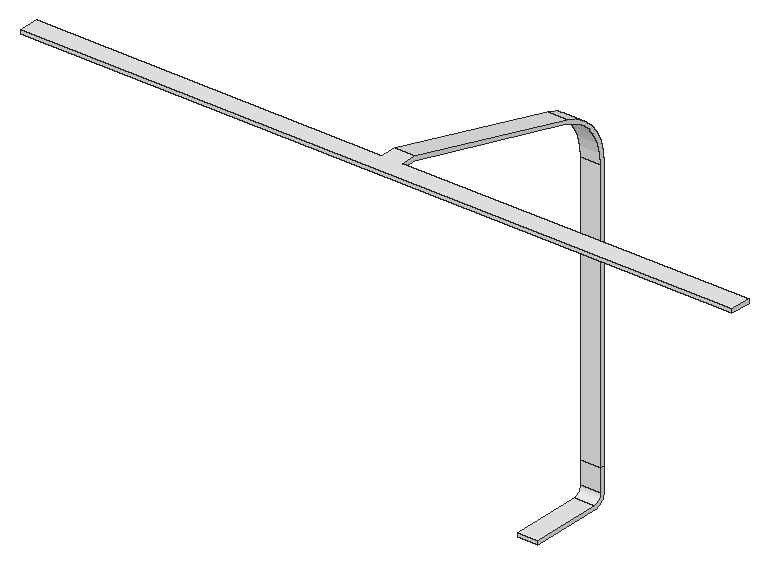
Revit family "Haworth_Lighting-LIM_Y", category Lighting Fixtures, Revit 2012
Parameters (values of type "Worksurface Mount")
  Wattage Comments = "3 or 7.3 Watts; 120 Volt 60 Hertz"  # constant formula
  Warranty = "www.haworth.com/en-us/Products/Pages/Certifications.aspx"
  URL - Product = "http://www.haworth.com/en-us/Products/Furniture/Accessories/Lighting/Pages/LIM.aspx"
  URL = "www.haworth.com"
  Type Comments = " "
  Table Thickness = 1 1/2"  # constant formula
  Sustainability Info = "www.haworth.com/en-us/About-Us/Sustainability/Pages/Vision.aspx"
  Size = "Verify Final Dim. w/ Haworth"  # constant formula
  Revision Number = "1"  # constant formula
  Post to Centerline = 3"  # constant formula
  Model = "LIM"
  Manufacturer = "Haworth"  # constant formula
  Light Source Height = 13 13/16"  # constant formula
  Lamp Finish = Haworth - Metal - Brushed Aluminum
  Lamp = ""
  LEED Data = "www.haworth.com/_layouts/Haworth.ProductCatalog/Handlers/GetAsset.ashx/LIM-Brochure.pdf?cid=724&rid=652&type=Brochure"
  Description = "LIM Light"  # constant formula
  Mounting Height [instance] = 29"
  Author = "SHAPE Environments, LLC"  # constant formula
  Assembly Code = "D5020200"
  Arm Length = 12 3/8"  # constant formula
  Actual Width = 26 1/2"  # constant formula
  Actual Height = 18 3/4"  # constant formula
Reference planes (in)
  plane 1 "Center F/B": y = 8.82887
  plane 2 "Base": z = 30.5
  plane 3 "Center L/R": x = 1.15861
  plane 4 "Lamp Height": z = 49.25
  plane 5 "Light Source": z = 49.0625
  plane 6 "Table Bottom": z = 29
  plane 7 "Y": y = -3.54613
Forms (in)
  Sweep 1, solid, material "Haworth - Metal - Brushed Aluminum" <- "Lamp Finish"
    path origin (1.15861, 10.67026, 0) x (0, 1, 0) y (0, 0, 1)
      loop
        line (-14.21639, 49.25) -> (-13.46639, 49.25) -> (-4.06494, 46.73089)
        arc (-4.06494, 46.73089) -> (-2.46133, 45.65939) -> (-1.84139, 43.83311) r 3
        line (-1.84139, 43.83311) -> (-1.84139, 30.5)
    profile "LIM_Profile : LIM_Profile" origin (1.15861, -3.17113, 49.25) x (0, 0, 1) y (1, 0, 0)
      loop
        line (0, -0.5) -> (0, 0.5) -> (-0.1875, 0.5) -> (-0.1875, -0.5) -> (0, -0.5)
  Sweep 2, solid, material "Haworth - Metal - Brushed Aluminum" <- "Lamp Finish"
    path origin (1.15861, 10.67026, 4) x (0, 1, 0) y (0, 0, 1)
      loop
        line (-5.90389, 24.8125) -> (-2.40389, 24.8125)
        arc (-2.40389, 24.8125) -> (-2.00614, 24.97725) -> (-1.84139, 25.375) r 0.5625
        line (-1.84139, 25.375) -> (-1.84139, 26.5)
    profile "LIM_Profile : LIM_Profile" origin (1.15861, 6.51637, 28.8125) x (0, 0, 1) y (1, 0, 0)
      loop
        line (0, -0.5) -> (0.1875, -0.5) -> (0.1875, 0.5) -> (0, 0.5) -> (0, -0.5)
  Sweep 3, solid, material "Haworth - Metal - Brushed Aluminum" <- "Lamp Finish"
    path origin (0, -3.54613, 0) x (-1, 0, 0) y (0, 0, 1)
      loop
        line (16.34139, 49.25) -> (-18.65861, 49.25)
    profile origin (1.15861, -3.54613, 49.25) x (0, 0, -1) y (0, 1, 0)
      loop
        line (0, 0) -> (0, -1) -> (0.1875, -1) -> (0.1875, 0) -> (0, 0)
Cuts and joins
  joined: Sweep 1, Sweep 3
Lines and regions (in)
  Masking region 1
    outline origin (0, 0, 0) x (1, 0, 0) y (0, 1, 0)
      loop
        line (1.65861, 8.82887) -> (0.65861, 8.82887) -> (0.65861, -3.54613) -> (-16.34139, -3.54613) -> (-16.34139, -4.54613) -> (18.65861, -4.54613) -> (18.65861, -3.54613) -> (1.65861, -3.54613) -> (1.65861, 8.82887)
Dimensions and locks (in)
  "Actual Height": plane 4 "Lamp Height" to plane 2 "Base"
  "Table Thickness": plane 2 "Base" to plane 6 "Table Bottom"
  "Mounting Height": plane 6 "Table Bottom" to level
  locked: plane 4 "Lamp Height" to plane 5 "Light Source" at 0.1875
  "Arm Length": plane 7 "Y" to plane 1 "Center F/B"
  Sweep 3 sketch curve to plane 3 "Center L/R" to Sweep 3 sketch curve = 17 1/2", 17 1/2"
  radius of Sweep 2 sketch curve = 9/16"
  angle plane 4 "Lamp Height" to Sweep 1 sketch curve = 165.00°
  aligned and locked: plane 4 "Lamp Height" to Sweep 1 sketch curve
  aligned and locked: plane 4 "Lamp Height" to Sweep 3 sketch curve
  aligned and locked: plane 2 "Base" to Sweep 2 sketch curve
Automatic sketch dimensions
  Sweep 1 sketch curve to plane 7 "Y" = 0"
  Sweep 1 sketch curve to plane 1 "Center F/B" = 0"
  Sweep 1 sketch curve to plane 2 "Base" = 0"
  Sweep 1 sketch curve to Sweep 1 sketch curve = 3/4"
  plane 1 "Center F/B" to Sweep 1 sketch curve = 3"
  plane 1 "Center F/B" to Sweep 1 sketch curve = 2.22354"
  Sweep 3 sketch curve to profile plane = 0"
  Sweep 3 sketch curve to plane 7 "Y" = 0"
  Sweep 3 sketch curve to Sweep 3 sketch curve = 3/16"
  Sweep 3 sketch curve to plane 7 "Y" = 1"
  Sweep 2 sketch curve to plane 1 "Center F/B" = 0"
  plane 6 "Table Bottom" to Sweep 2 sketch curve = 3/16"
  Sweep 2 sketch curve to Sweep 2 sketch curve = 3 1/2"
  plane 1 "Center F/B" to Masking region 1 sketch curve = 0"
  plane 3 "Center L/R" to Masking region 1 sketch curve = 1/2"
  Masking region 1 sketch curve to plane 7 "Y" = 0"  (x2)
  Masking region 1 sketch curve to plane 3 "Center L/R" = 17 1/2"
  Masking region 1 sketch curve to plane 7 "Y" = 1"
  plane 3 "Center L/R" to Masking region 1 sketch curve = 17 1/2"
  Masking region 1 sketch curve to plane 3 "Center L/R" = 1/2"
